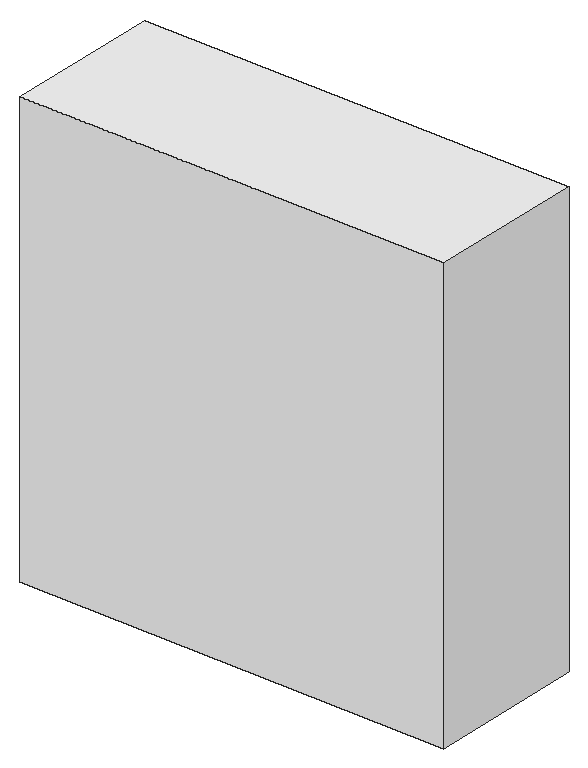
Revit family "251507.03 Alarmsender Safetel airborne DC8M", category Fire Alarm Devices, Revit 2016
Family settings
  Maintain Annotation Orientation = Yes
  Part Type = Normal
  Round Connector Dimension = Use Diameter
  OmniClass Number = 23.85.30.21.11.17
  OmniClass Title = Other Components
  Work Plane-Based = No
  Always vertical = No
  Cut with Voids When Loaded = No
  Shared = No
  Room Calculation Point = No
Parameters (values of type "Alarmsender")
  Type Comments = "-OM"
  NV Type tekst synlig = yes
  NV Type = "AS"
  Reference Line Out [instance] = 50.00 mm
  NV Montering [instance] = "Vegg"
  NV Material = White
  NV Length C = 58.00 mm
  NV Length B = 162.00 mm
  NV Length A = 158.00 mm
  NV Symbol Positive Direction [instance] = yes
  NV Symbol Offset Side [instance] = 0.00 mm
  NV Symbol Offset Out [instance] = 0.00 mm
  NV Montering tekst synlig [instance] = no
  NS8360 = "5423_XN4"
  Manufacturer = "Honeywell"
  Keynote = "XN4"
  Assembly Code = "5423"
Reference planes
  plane 1 "Center (Front/Back)": y = 0
  plane 2: z = 0
  plane 3 "Center (Left/Right)": x = 0
  plane 4: y = 58
  plane 5: z = 81
  plane 6: x = -79
  plane 7: x = 79
  plane 8: z = -81
Forms (mm)
  Extrusion 1, solid, material "White" <- "NV Material"
    sketch origin (0, 0, 0) x (1, 0, 0) y (0, 0, 1)
      loop
        line (-79, 81) -> (-79, -81) -> (79, -81) -> (79, 81) -> (-79, 81)
    from 0 to -58
Lines and regions (mm)
  model lines, style "InvisibleLines"
    curve 1: line (0, 0, 0) -> (0, 2, 0)
    curve 2: line (0, 0, 0) -> (0, 50, 0)
  symbolic lines, style "InvisibleLines"
    curve 3: line (-79, 58, 0) -> (79, 58, 0)
    curve 4: line (-79, 0, 0) -> (-79, 58, 0)
    curve 5: line (79, 0, 0) -> (-79, 0, 0)
    curve 6: line (79, 58, 0) -> (79, 0, 0)
Dimensions and locks
  "Reference Line Out": plane 1 "Center (Front/Back)" to curve 2
  "NV Length C": plane 1 "Center (Front/Back)" to plane 4
  equal spacing: plane 7, plane 3 "Center (Left/Right)", plane 6
  equal spacing: plane 5, level, plane 8
  "NV Length A": plane 7 to plane 6
  "NV Length B": plane 5 to plane 8
  aligned and locked: level to plane 2
  aligned and locked: curve 1 to plane 2
  aligned and locked: plane 1 "Center (Front/Back)" to curve 2
  aligned and locked: curve 2 to plane 2
  aligned and locked: Extrusion 1 sketch curve to plane 5
  aligned and locked: plane 6 to Extrusion 1 sketch curve
  aligned and locked: plane 8 to Extrusion 1 sketch curve
  aligned and locked: Extrusion 1 sketch curve to plane 7
  aligned and locked: plane 4 to Extrusion 1
  aligned and locked: curve 3 to Extrusion 1
  aligned and locked: curve 4 to Extrusion 1
  aligned and locked: curve 5 to Extrusion 1
  aligned and locked: curve 6 to Extrusion 1
Automatic sketch dimensions
  curve 2 to plane 3 "Center (Left/Right)" = 0.00 mm
  curve 1 to plane 1 "Center (Front/Back)" = 2.00 mm
Nested families
  nested 1: "Alarmsender s" at (0, 0, 0), type "Type 1"
Connectors
  electrical at (0, 0, 0)
    settings: index 1, voltage 0 V, apparent load 0 VA, apparent load phase1 0 VA, apparent load phase2 0 VA, apparent load phase3 0 VA, power factor 1, load classification "Other", number of poles 1, system type 11, power factor state 1, is connector primary yes, connector utility no, sub classification motor no, connector description ""
Definition of nested family "Alarmsender s"
  Parameters (values of type "Type 1")
    Type tekst synlig = yes
    Type = "24V"
    Montering tekst synlig = no
    Montering = "Vegg"
    CQ Symbol Positive Direction = yes
    CQ Symbol Negative Direction = not(CQ Symbol Positive Direction)  # no
    CQ Symbol Offset Side = 0.00 mm
    CQ Symbol Offset Out = 0.00 mm
  Reference planes
    plane 1: y = 0
    plane 2: x = 0
  Dimensions and locks
    "CQ Symbol Offset Side": nested 2 to plane 2
    "CQ Symbol Offset Side": plane 2 to nested 1
    "CQ Symbol Offset Out": plane 1 to nested 1
    "CQ Symbol Offset Out": plane 1 to nested 2
  Nested families
    nested 1: "Brannalarmsentral" at (0, 0, 0), visible <- "CQ Symbol Positive Direction", type "Type1"
    nested 2: "Brannalarmsentral" at (0, 0, 0), visible <- "CQ Symbol Negative Direction", type "Type1"
  Definition of nested family "Brannalarmsentral"
    Parameters (values of type "Type1")
      Type tekst synlig = yes
      Type = "BS"
      Montering tekst synlig = no
      Montering = "Vegg"
    Reference planes
      plane 1: y = 0
      plane 2: x = 0
    Lines and regions (mm)
      detail lines
        curve 1: line (-2.5, 2, 0) -> (2.5, 2, 0)
        curve 2: line (2.5, 2, 0) -> (2.5, 7, 0)
        curve 3: line (2.5, 7, 0) -> (-2.5, 7, 0)
        curve 4: line (-2.5, 7, 0) -> (-2.5, 2, 0)
        curve 5: circle (-1.25, 3, 0) r 0.25 normal (0, 0, 1)
        curve 6: line (-1.25, 3.75, 0) -> (-1, 6, 0)
        curve 7: arc (-1, 6, 0) -> (-1.25, 6.25, 0) -> (-1.5, 6, 0) r 0.25
        curve 8: line (-1.5, 6, 0) -> (-1.25, 3.75, 0)
        curve 9: line (-1.25, 5, 0) -> (-1.25, 6, 0)
      detail lines, visible <- "Type tekst synlig"
        curve 10: line (-2.5, 0, 0) -> (2.5, 0, 0)
        curve 11: line (-2.5, 0, 0) -> (-2.5, 2, 0)
        curve 12: line (2.5, 0, 0) -> (2.5, 2, 0)
    Nested families
      nested 1: "txt 1_50" at (3.379, 6.924, 0), visible <- "Montering tekst synlig", Type Name <- "Montering", type "txt"
        with Type Name "Vegg"
      nested 2: "txt 1_50" at (-1.949, 0.863, 0), visible <- "Type tekst synlig", Type Name <- "Type", type "txt"
        with Type Name "BS"
    Definition of nested family "txt 1_50"
      Parameters (values of type "txt")
        Type Name [instance] = "HIM"
      Reference planes
        plane 1: y = 0
        plane 2: x = 0
      Text (mm)
        label "TXT" at (1.952, 0, 0), shows "Type Name"
